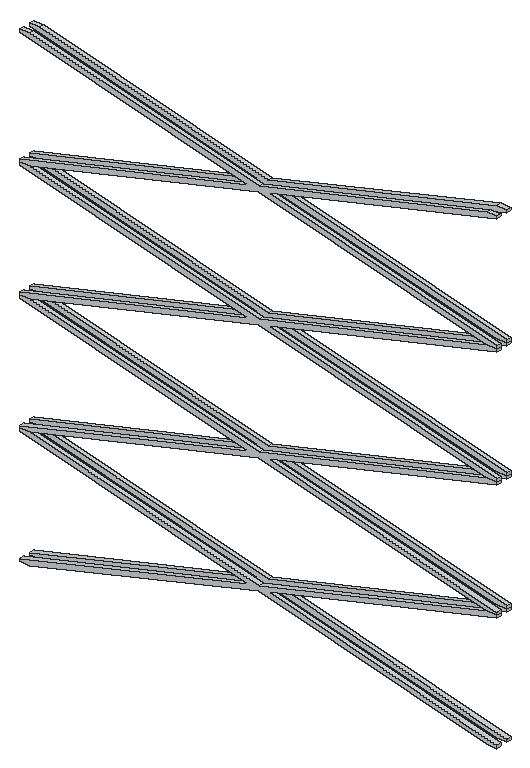
Revit family "5f63e1da34d34d86be03f2976a18b7e1", category Generic Models, Revit 2021
Family settings
  Can host rebar = No
  Round Connector Dimension = Use Diameter
  Part Type = Normal
  Work Plane-Based = No
  Always vertical = Yes
  Cut with Voids When Loaded = No
  Shared = Yes
  Room Calculation Point = No
Parameters
  Width [instance] = 4' - 0"
  Thickness = 0' - 0 1/2"
  Height [instance] = 4' - 0"
  Interior Material [instance] = none
  Exterior Material [instance] = none
  Distance = 0' - 0 3/4"
  Default Elevation = 0' - 0"
Reference planes (in)
  plane 1 "Center (Front/Back)": y = 0
  plane 2: z = 0
  plane 3 "Center (Left/Right)": x = 0
  plane 4: z = 48
  plane 5: x = -24
  plane 6: x = 24
  plane 7: z = 24
  plane 8: z = 36
  plane 9: z = 12
Dimensions and locks (in)
  equal spacing: plane 6, plane 3 "Center (Left/Right)", plane 5
  "Width": plane 6 to plane 5
  "Height": plane 4 to plane 2
  equal spacing: plane 4, plane 8, plane 7, plane 9, plane 2
  aligned and locked: plane 2 to level
  aligned and locked: plane 1 "Center (Front/Back)" to nested 1
  aligned and locked: plane 1 "Center (Front/Back)" to nested 2
  aligned and locked: plane 1 "Center (Front/Back)" to nested 3
  aligned and locked: plane 1 "Center (Front/Back)" to nested 4
  aligned and locked: plane 4 to nested 1
  aligned and locked: plane 8 to nested 1
  aligned and locked: plane 8 to nested 3
  aligned and locked: plane 7 to nested 3
  aligned and locked: plane 7 to nested 2
  aligned and locked: plane 9 to nested 2
  aligned and locked: plane 9 to nested 4
  aligned and locked: plane 2 to nested 4
  aligned and locked: plane 6 to nested 1
  aligned and locked: plane 6 to nested 3
  aligned and locked: plane 6 to nested 2
  aligned and locked: plane 5 to nested 1
  aligned and locked: plane 5 to nested 3
  aligned and locked: plane 5 to nested 2
  aligned and locked: plane 5 to nested 4
  aligned and locked: plane 6 to nested 4
Nested families (in)
  nested 1: "Muntin Pattern_Diamond" at (0, 0, 36), Exterior Material <- "Exterior Material", Interior Material <- "Interior Material", type "Muntin Pattern_Diamond"
    with W 4' - 0", Interior Material none, H 1' - 0", Exterior Material none
  nested 2: "Muntin Pattern_Diamond" at (0, 0, 12), Exterior Material <- "Exterior Material", Interior Material <- "Interior Material", type "Muntin Pattern_Diamond"
    with W 4' - 0", Interior Material none, H 1' - 0", Exterior Material none
  nested 3: "Muntin Pattern_Diamond" at (0, 0, 24), Exterior Material <- "Exterior Material", Interior Material <- "Interior Material", type "Muntin Pattern_Diamond"
    with W 4' - 0", Interior Material none, H 1' - 0", Exterior Material none
  nested 4: "Muntin Pattern_Diamond" at (0, 0, 0), Exterior Material <- "Exterior Material", Interior Material <- "Interior Material", type "Muntin Pattern_Diamond"
    with W 4' - 0", Interior Material none, H 1' - 0", Exterior Material none
Definition of nested family "Muntin Pattern_Diamond"
  Parameters (values of type "Muntin Pattern_Diamond")
    W [instance] = 4' - 0"
    Thickness = 0' - 0 1/2"
    H [instance] = 4' - 0"
    Interior Material [instance] = none
    Distance = 0' - 0 3/4"
    Exterior Material [instance] = none
    Default Elevation = 0' - 0"
  Reference planes (in)
    plane 1 "Center (Front/Back)": y = 0
    plane 2: z = 0
    plane 3 "Center (Left/Right)": x = 0
    plane 4: z = 48
    plane 5: x = -24
    plane 6: x = 24
    plane 7: z = 24
    plane 8: y = 0.375
    plane 9: y = -0.375
    plane 10: y = 0.875
    plane 11: y = -0.875
  Forms (in)
    Extrusion 1, solid, material <- "Exterior Material", detail levels fine
      sketch origin (-24, 0, 48) x (0.707107, 0, -0.707107) y (0.707107, 0, 0.707107)
        loop
          line (0, 0.25) -> (0, -0.25) -> (67.88225, -0.25) -> (67.88225, 0.25) -> (0, 0.25)
      from -0.875 to -0.375
    Extrusion 2, solid, material <- "Exterior Material", detail levels fine
      sketch origin (24, 0, 48) x (-0.707107, 0, -0.707107) y (0.707107, 0, -0.707107)
        loop
          line (67.88225, 0.25) -> (0, 0.25) -> (0, -0.25) -> (67.88225, -0.25) -> (67.88225, 0.25)
      from -0.875 to -0.375
    Extrusion 3, void
      sketch origin (0, 0, 0) x (1, 0, 0) y (0, 0, 1)
        loop
          line (-24, 48) -> (-24, 0) -> (24, 0) -> (24, 48) -> (-24, 48)
        loop
          line (-24.5, 48.5) -> (-24.5, -0.5) -> (24.5, -0.5) -> (24.5, 48.5) -> (-24.5, 48.5)
      from -0.875 to 0.875
    Extrusion 4, solid, material <- "Interior Material", detail levels fine
      sketch origin (-24, 0, 48) x (0.707107, 0, -0.707107) y (0.707107, 0, 0.707107)
        loop
          line (0, 0.25) -> (0, -0.25) -> (67.88225, -0.25) -> (67.88225, 0.25) -> (0, 0.25)
      from 0.375 to 0.875
    Extrusion 5, solid, material <- "Interior Material", detail levels fine
      sketch origin (24, 0, 48) x (-0.707107, 0, -0.707107) y (0.707107, 0, -0.707107)
        loop
          line (0, -0.25) -> (67.88225, -0.25) -> (67.88225, 0.25) -> (0, 0.25) -> (0, -0.25)
      from 0.375 to 0.875
  Cuts and joins
    Extrusion 3 cuts Extrusion 1
    Extrusion 3 cuts Extrusion 2
    joined: Extrusion 1, Extrusion 2
    Extrusion 3 cuts Extrusion 4
    Extrusion 3 cuts Extrusion 5
    joined: Extrusion 4, Extrusion 5
  Lines and regions (in)
    reference lines
      curve 1: line (-24, 0, 48) -> (24, 0, 0)
      curve 2: line (24, 0, 48) -> (-24, 0, 0)
      curve 3: line (-24, 0, 48) -> (-17.98959, 0, 54.01041)
      curve 4: line (24, 0, 0) -> (31.6014, 0, 7.6014)
      curve 5: line (-21.20495, 0, 44.8514) -> (16.78122, 0, 6.86522)
      curve 6: line (-20.8514, 0, 45.20495) -> (17.13478, 0, 7.21878)
      curve 7: line (24, 0, 48) -> (18.87348, 0, 53.12652)
      curve 8: line (-24, 0, 0) -> (-28.24264, 0, 4.24264)
      curve 9: line (-23.82322, 0, -0.17678) -> (22.31549, 0, 45.96194)
      curve 10: line (-24.17678, 0, 0.17678) -> (21.96194, 0, 46.31549)
    model lines, detail levels medium
      curve 11: line (24, 0.375, 0) -> (-24, 0.375, 48)
      curve 12: line (24, 0.375, 48) -> (-24, 0.375, 0)
      curve 13: line (24, -0.375, 0) -> (-24, -0.375, 48)
      curve 14: line (24, -0.375, 48) -> (-24, -0.375, 0)
  Dimensions and locks (in)
    equal spacing: plane 6, plane 3 "Center (Left/Right)", plane 5
    "W": plane 6 to plane 5
    "H": plane 4 to plane 2
    equal spacing: plane 4, plane 7, plane 2
    equal spacing: curve 5, curve 1, curve 6
    "Thickness": curve 5 to curve 6
    equal spacing: curve 9, curve 2, curve 10
    "Thickness": curve 9 to curve 10
    "Thickness": Extrusion 3 sketch curve to plane 6
    "Thickness": plane 2 to Extrusion 3 sketch curve
    "Thickness": plane 5 to Extrusion 3 sketch curve
    "Thickness": Extrusion 3 sketch curve to plane 4
    "Distance": plane 8 to plane 9
    equal spacing: plane 8, plane 1 "Center (Front/Back)", plane 9
    "Thickness": plane 10 to plane 8
    "Thickness": plane 9 to plane 11
    locked: curve 1 to curve 3 (angle 90.00°)
    locked: curve 4 to curve 1 (angle 90.00°)
    locked: curve 7 to curve 2 (angle 90.00°)
    locked: curve 2 to curve 8 (angle 90.00°)
    aligned and locked: plane 2 to level
    aligned and locked: plane 4 to curve 1
    aligned and locked: plane 5 to curve 1
    aligned and locked: plane 2 to curve 2
    aligned and locked: plane 5 to curve 2
    aligned and locked: plane 6 to curve 1
    aligned and locked: plane 2 to curve 1
    aligned and locked: plane 6 to curve 2
    aligned and locked: plane 4 to curve 2
    aligned and locked: plane 4 to curve 3
    aligned and locked: plane 5 to curve 3
    aligned and locked: plane 6 to curve 4
    aligned and locked: plane 2 to curve 4
    aligned and locked: Extrusion 1 sketch curve to curve 5
    aligned and locked: Extrusion 1 sketch curve to curve 3
    aligned and locked: Extrusion 1 sketch curve to curve 6
    aligned and locked: curve 6 to Extrusion 1 sketch curve
    aligned and locked: curve 5 to Extrusion 1 sketch curve
    aligned and locked: Extrusion 1 sketch curve to curve 4
    aligned and locked: curve 4 to Extrusion 1 sketch curve
    aligned and locked: plane 5 to curve 8
    aligned and locked: plane 2 to curve 8
    aligned and locked: plane 6 to curve 7
    aligned and locked: plane 4 to curve 7
    aligned and locked: Extrusion 2 sketch curve to curve 10  (x2)
    aligned and locked: Extrusion 2 sketch curve to curve 8  (x2)
    aligned and locked: curve 9 to Extrusion 2 sketch curve  (x2)
    aligned and locked: curve 7 to Extrusion 2 sketch curve
    aligned and locked: plane 5 to Extrusion 3 sketch curve
    aligned and locked: Extrusion 3 sketch curve to plane 4
    aligned and locked: Extrusion 3 sketch curve to plane 6
    aligned and locked: plane 2 to Extrusion 3 sketch curve
    aligned and locked: plane 10 to cut or joined group of Extrusion 1, Extrusion 2, Extrusion 3  (x2)
    aligned and locked: cut or joined group of Extrusion 1, Extrusion 2, Extrusion 3 to plane 8  (x2)
    aligned and locked: plane 10 to Extrusion 3
    aligned and locked: Extrusion 3 to plane 11
    aligned and locked: curve 3 to Extrusion 4 sketch curve
    aligned and locked: Extrusion 4 sketch curve to curve 3
    aligned and locked: Extrusion 4 sketch curve to curve 6
    aligned and locked: Extrusion 4 sketch curve to curve 5
    aligned and locked: Extrusion 4 sketch curve to curve 4
    aligned and locked: curve 6 to Extrusion 4 sketch curve
    aligned and locked: curve 5 to Extrusion 4 sketch curve
    aligned and locked: Extrusion 5 sketch curve to curve 9
    aligned and locked: Extrusion 5 sketch curve to curve 10
    aligned and locked: Extrusion 5 sketch curve to curve 7  (x2)
    aligned and locked: Extrusion 5 sketch curve to curve 8  (x2)
    aligned and locked: curve 9 to Extrusion 5 sketch curve
    aligned and locked: curve 10 to Extrusion 5 sketch curve
    aligned and locked: Extrusion 4 to plane 11
    aligned and locked: Extrusion 5 to plane 11
    aligned and locked: plane 9 to Extrusion 4
    aligned and locked: plane 9 to Extrusion 5
    aligned and locked: plane 2 to curve 11
    aligned and locked: plane 6 to curve 11
    aligned and locked: plane 5 to curve 11
    aligned and locked: plane 4 to curve 11
    aligned and locked: plane 5 to curve 12
    aligned and locked: plane 2 to curve 12
    aligned and locked: plane 4 to curve 12
    aligned and locked: plane 6 to curve 12
    aligned and locked: plane 2 to curve 13
    aligned and locked: plane 6 to curve 13
    aligned and locked: plane 4 to curve 14
    aligned and locked: plane 6 to curve 14
    aligned and locked: plane 4 to curve 13
    aligned and locked: plane 5 to curve 13
    aligned and locked: plane 2 to curve 14
    aligned and locked: plane 5 to curve 14
  Automatic sketch dimensions
    curve 1 to curve 6 = 0' - 4.20279"
    curve 1 to curve 5 = 0' - 4.20279"
    curve 5 to curve 1 = 0' - 9.95889"
    curve 6 to curve 5 = 0' - 0"
    curve 2 to curve 9 = 0' - 0"
    curve 2 to curve 9 = 0' - 2.63225"
    curve 2 to curve 10 = 0' - 2.63225"
